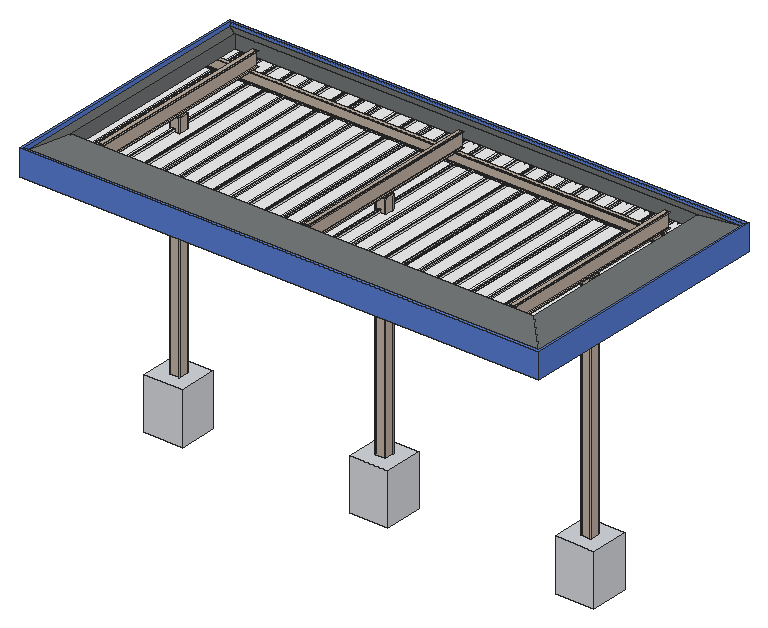
Revit family "Canopy_AustinMohawk_Inline", category Generic Models, Revit 2026
Family settings
  Can host rebar = No
  Round Connector Dimension = Use Diameter
  Part Type = Normal
  Classification Number = 23.30.60.11.11.17
  Work Plane-Based = No
  Always vertical = Yes
  Cut with Voids When Loaded = No
  Maintain Annotation Orientation = No
  Shared = No
  Room Calculation Point = No
Parameters (values of type "ByType")
  purlext [instance] = (Purlin Length - Crossbeam CL) / 2  # 3' - 5 1/2"
  pnlcnstrnt [instance] = Canopy Length / Ceiling Panels  # 1' - 4"
  faschang = 0' - 4"
  ceilext = 1' - 0 7/8"  # constant formula
  URL = "http://www.austinmohawk.com"
  SupportsW [instance] = (Canopy Width - (Purlin Lateral Offset * 2)) / 4' 0"  # 4
  SupportsL [instance] = (Canopy Length - 4' 0") / 4' 0"  # 9
  Structural Framing Material = Metal - Steel - ASTM A500 - Grade B - Rectangular and Square
  StructCLOffset = 0' - 6 27/32"
  Roof/Fascia Type [instance] = Mansard Roof w ACM Fascia : 24"
  Roof Pitch [instance] = 0.50011
  Purloffset = -0' - 4 15/16"
  Purlins = 2
  Purlin Lateral Offset = 3' - 0"
  Purlin Length [instance] = Canopy Length - 1' 1"  # 38' - 11"
  Girder Length [instance] = Canopy Width - 5' 0"  # 15' - 0"
  Footing Size = 3' - 0"
  Footing Material = Concrete - 4000psi
  Footing Depth = 4' - 0"
  Fascia Thickness = 0' - 1"
  Default Elevation = 0' - 0"
  Columns [instance] = 3
  Column Offset From End [instance] = 4' - 0"
  Burial Depth = 1' - 0"
  Crossbeam CL [instance] = Canopy Length - 8' 0"  # 32' - 0"
  Column-Drainage [instance] = HSS Column : Standard column with Internal Drain
  Clearance Height [instance] = 16' - 0"
  Ceiling Panels [instance] = Canopy Length / 1' 4"  # 30
  Deck Pan Width = 1' - 4"
  Deck Pan Material [instance] = Frame - 6063-T6 Aluminum - Color As Specified
  Canopy Width [instance] = 20' - 0"
  Send Message = "http://admin.arcat.com/users.pl?action=UserEmail&company=Austin%20Mohawk%20and%20Company,%20Inc.&coid=30734&rep=121&fax=315-793-9370&mf="
  Keynote = "10 73 16"
  Fascia Material [instance] = Sheet Metal - 24 Ga - Blue
  Specification = "http://www.arcat.com/sd/clients/austinmo.html?coid=30734"
  Sales Information = "http://www.austinmohawk.com/contact.asp"
  Product Properties = "http://www.arcat.com/bim/bim_info.pl?fn=PreEngr-Building_AustinMohawk_Classic"
  Product Data = "http://www.arcat.com/arcatcos/cos30/arc30734.html"
  Column Material [instance] = Metal - Steel - ASTM A500 - Grade B - Rectangular and Square
  Model = "Canopy"
  Manufacturer Website = "http://www.austinmohawk.com"
  Manufacturer Phone - Toll Free = "800-765-3110 "
  Manufacturer Phone = "315-793-3000 "
  Manufacturer Fax = "315-793-9370"
  Manufacturer Address = "2175 Beechgrove Place, Utica, NY 13501\r\n"
  Manufacturer = "Austin Mohawk"
  Green Building-LEED = "http://www.arcat.com/green/green_building.shtml"
  Drawn By = "Robert S. Weygant. CSI, CDT, SCIP"
  Description = "Austin Mohawk Canopy - Type as specified in the Contract Documents"
  Copyright = "2009, ARCAT, Inc."
  Construction Details = "http://www.arcat.com/details/austinmo/prod0873.html"
  Canopy Length [instance] = 40' - 0"
  Canopy Height [instance] = 19' - 0"
  Assembly Code = "F1010200"
Reference planes (in)
  plane 1 "Center (Front/Back)": y = 393.56938
  plane 2: z = 0
  plane 3 "Center": x = 833.0521
  plane 4: x = 593.0521
  plane 5: x = 1073.0521
  plane 6: y = 513.56938
  plane 7 "Front": y = 273.56938
  plane 8 "Bottom of Canopy": z = 192
  plane 9 "T.O. Footing": z = -12
  plane 10: z = -60
  plane 11 "Structural CL": z = 211.71875
  plane 12: y = 483.56938
  plane 13: y = 303.56938
  plane 14 "HSSStart": x = 641.0521
  plane 15 "HSS End": x = 1025.0521
  plane 16: y = 477.56938
  plane 17: y = 309.56938
  plane 18: x = 599.5521
  plane 19: x = 1066.5521
  plane 20 "TO Purlin": z = 204.875
  plane 21: x = 609.0521
  plane 22 "Bottom Fascia": z = 188
  plane 23 "TO Ceiling": z = 195
  plane 24: y = 357.56938
  plane 25: x = 1025.0521
  plane 26: x = 641.0521
  plane 27: x = 1025.0521
  plane 28: x = 641.0521
  plane 29: x = 833.0521
Forms (in)
  Sweep 1, solid, material "Metal - Steel - ASTM A500 - Grade B - Rectangular and Square" <- "Structural Framing Material"
    path origin (0, -164.03906, 204.87695) x (0, 1, 0) y (-1, 0, 0)
      loop
        line (475.58891, -599.5521) -> (475.58891, -1066.5521)
    profile "W-Wide Flange-Profile-Fine : W10X12" origin (833.0521, 311.54985, 204.87695) x (0, 1, 0) y (0, 0, 1)
      loop
        line (-1.98047, -9.87305) -> (1.98047, -9.87305) -> (1.98047, -9.66211) -> (0.63477, -9.66211)
        arc (0.63477, -9.66211) -> (0.25359, -9.50422) -> (0.0957, -9.12305) r 0.53906
        line (0.0957, -9.12305) -> (0.0957, -0.75195)
        arc (0.0957, -0.75195) -> (0.25359, -0.37078) -> (0.63477, -0.21289) r 0.53906
        line (0.63477, -0.21289) -> (1.98047, -0.21289) -> (1.98047, -0.00195) -> (-1.98047, -0.00195) -> (-1.98047, -0.21289) -> (-0.63477, -0.21289)
        arc (-0.63477, -0.21289) -> (-0.25359, -0.37078) -> (-0.0957, -0.75195) r 0.53906
        line (-0.0957, -0.75195) -> (-0.0957, -9.12305)
        arc (-0.0957, -9.12305) -> (-0.25359, -9.50422) -> (-0.63477, -9.66211) r 0.53906
        line (-0.63477, -9.66211) -> (-1.98047, -9.66211) -> (-1.98047, -9.87305)
  Sweep 2, solid, material "Metal - Steel - ASTM A500 - Grade B - Rectangular and Square" <- "Structural Framing Material"
    path origin (0, 0, 204.87695) x (0, 1, 0) y (-1, 0, 0)
      loop
        line (475.58891, -599.5521) -> (475.58891, -1066.5521)
    profile "W-Wide Flange-Profile-Fine : W10X12" origin (833.0521, 475.58891, 204.87695) x (0, 1, 0) y (0, 0, 1)
      loop
        line (-1.98047, -9.87305) -> (1.98047, -9.87305) -> (1.98047, -9.66211) -> (0.63477, -9.66211)
        arc (0.63477, -9.66211) -> (0.25359, -9.50422) -> (0.0957, -9.12305) r 0.53906
        line (0.0957, -9.12305) -> (0.0957, -0.75195)
        arc (0.0957, -0.75195) -> (0.25359, -0.37078) -> (0.63477, -0.21289) r 0.53906
        line (0.63477, -0.21289) -> (1.98047, -0.21289) -> (1.98047, -0.00195) -> (-1.98047, -0.00195) -> (-1.98047, -0.21289) -> (-0.63477, -0.21289)
        arc (-0.63477, -0.21289) -> (-0.25359, -0.37078) -> (-0.0957, -0.75195) r 0.53906
        line (-0.0957, -0.75195) -> (-0.0957, -9.12305)
        arc (-0.0957, -9.12305) -> (-0.25359, -9.50422) -> (-0.63477, -9.66211) r 0.53906
        line (-0.63477, -9.66211) -> (-1.98047, -9.66211) -> (-1.98047, -9.87305)
  Extrusion 3, solid, material "Frame - 6063-T6 Aluminum - Color As Specified" <- "Deck Pan Material"
    sketch origin (0, 0, 195) x (-1, 0, 0) y (0, -1, 0)
      loop
        line (-593.0521, -513.56938) -> (-593.0521, -273.56938) -> (-1073.0521, -273.56938) -> (-1073.0521, -513.56938) -> (-593.0521, -513.56938)
      loop
        line (-596.0521, -510.56938) -> (-596.0521, -276.56938) -> (-1070.0521, -276.56938) -> (-1070.0521, -510.56938) -> (-596.0521, -510.56938)
    from -7 to -3
Dimensions and locks (in)
  "Burial Depth": plane 2 to plane 9 "T.O. Footing"
  "Footing Depth": plane 9 "T.O. Footing" to plane 10
  "Clearance Height": plane 8 "Bottom of Canopy" to plane 2
  equal spacing: plane 4, plane 3 "Center", plane 5
  equal spacing: plane 6, plane 1 "Center (Front/Back)", plane 7 "Front"
  "Canopy Length": plane 4 to plane 5
  "Canopy Width": plane 6 to plane 7 "Front"
  equal spacing: plane 14 "HSSStart", plane 3 "Center", plane 15 "HSS End"
  "Crossbeam CL": plane 14 "HSSStart" to plane 15 "HSS End"
  equal spacing: plane 12, plane 1 "Center (Front/Back)", plane 13
  "Girder Length": plane 12 to plane 13
  "Purlin Lateral Offset": plane 6 to plane 16
  "Purlin Lateral Offset": plane 17 to plane 7 "Front"
  equal spacing: plane 18, plane 3 "Center", plane 19
  "Purlin Length": plane 18 to plane 19
  "StructCLOffset": plane 11 "Structural CL" to plane 20 "TO Purlin"
  group 1 to group 2 = 0' - 0"  (x2)
  group 1 to group 2 = 13' - 8 5/128"
  "Purlin Length": Sweep 1 sketch curve to Sweep 1 sketch curve
  "Purlin Length": Sweep 2 sketch curve to Sweep 2 sketch curve
  locked: plane 20 "TO Purlin" to plane 8 "Bottom of Canopy" at 12.875
  "pnlcnstrnt": plane 21 to plane 4
  equal spacing: group 3, group 4, group 5, group 6, group 7, group 8, group 9, group 10, group 11, group 12, group 13, group 14, group 15, group 16, group 17, group 18, group 19, group 20, group 21, group 22, group 23, group 24, group 25, group 26, group 27, group 28, group 29, group 30, group 31, group 32  (x3)
  "faschang": plane 8 "Bottom of Canopy" to plane 22 "Bottom Fascia"
  locked: plane 23 "TO Ceiling" to plane 8 "Bottom of Canopy" at 3
  locked: plane 24 to plane 17 at 48
  "Column Offset From End": plane 26 to plane 4
  "Column Offset From End": plane 5 to plane 25
  equal spacing: group 34, group 35, group 33  (x2)
  equal spacing: group 33, group 35, group 34
  equal spacing: group 37, group 38, group 36
  equal spacing: group 36, group 38, group 37  (x2)
  locked: Extrusion 3 sketch curve to Extrusion 3 sketch curve at 3  (x4)
  aligned and locked: plane 2 to level
  aligned and locked: Sweep 1 to plane 17
  aligned and locked: Sweep 2 to plane 16
  aligned and locked: plane 6 to nested 1
  aligned and locked: plane 4 to nested 1
  aligned and locked: plane 21 to nested 2
  aligned and locked: plane 7 "Front" to nested 2
  aligned and locked: nested 2 to plane 6
  aligned and locked: plane 20 "TO Purlin" to Sweep 2
  aligned and locked: plane 20 "TO Purlin" to Sweep 1
  aligned and locked: plane 1 "Center (Front/Back)" to nested 16
  aligned and locked: plane 1 "Center (Front/Back)" to nested 32
  aligned and locked: plane 25 to nested 16
  aligned and locked: plane 25 to nested 32
  aligned and locked: plane 26 to nested 33
  aligned and locked: plane 26 to nested 34
  aligned and locked: nested 34 to plane 10
  aligned and locked: plane 1 "Center (Front/Back)" to nested 37
  aligned and locked: plane 25 to nested 37
  aligned and locked: nested 37 to plane 20 "TO Purlin"
  aligned and locked: plane 26 to nested 38
  aligned and locked: nested 38 to plane 20 "TO Purlin"
  aligned and locked: nested 38 to plane 1 "Center (Front/Back)"
  aligned and locked: Extrusion 3 sketch curve to plane 5
  aligned and locked: Extrusion 3 sketch curve to plane 7 "Front"
  aligned and locked: Extrusion 3 sketch curve to plane 6
  aligned and locked: plane 4 to Extrusion 3 sketch curve
  aligned and locked: Extrusion 3 to plane 8 "Bottom of Canopy"
  aligned and locked: Extrusion 3 to plane 22 "Bottom Fascia"
  aligned and locked: plane 25 to plane 27
  aligned and locked: plane 3 "Center" to nested 40
  aligned and locked: nested 40 to plane 1 "Center (Front/Back)"
  aligned and locked: nested 40 to plane 8 "Bottom of Canopy"
  aligned and locked: nested 32 to plane 10
Nested families (in)
  nested 1: "ceiling panel" at (593.0521, 513.56938, 192), length <- "Canopy Width", Wdth <- "pnlcnstrnt", built-in parameter 1001364 <- "Clearance Height", type "ceiling panel", detail levels fine
    with length 20' - 0", Wdth 1' - 4"
  nested 2: "ceiling panel" at (609.0521, 513.56938, 192), length <- "Canopy Width", Wdth <- "pnlcnstrnt", built-in parameter 1001364 <- "Clearance Height", type "ceiling panel", detail levels fine
    with length 20' - 0", Wdth 1' - 4"
  nested 3: "ceiling panel" at (625.0521, 513.56938, 192), length <- "Canopy Width", Wdth <- "pnlcnstrnt", built-in parameter 1001364 <- "Clearance Height", type "ceiling panel", detail levels fine
    with length 20' - 0", Wdth 1' - 4"
  nested 4: "ceiling panel" at (641.0521, 513.56938, 192), length <- "Canopy Width", Wdth <- "pnlcnstrnt", built-in parameter 1001364 <- "Clearance Height", type "ceiling panel", detail levels fine
    with length 20' - 0", Wdth 1' - 4"
  nested 5: "ceiling panel" at (657.0521, 513.56938, 192), length <- "Canopy Width", Wdth <- "pnlcnstrnt", built-in parameter 1001364 <- "Clearance Height", type "ceiling panel", detail levels fine
    with length 20' - 0", Wdth 1' - 4"
  nested 6: "ceiling panel" at (673.0521, 513.56938, 192), length <- "Canopy Width", Wdth <- "pnlcnstrnt", built-in parameter 1001364 <- "Clearance Height", type "ceiling panel", detail levels fine
    with length 20' - 0", Wdth 1' - 4"
  nested 7: "ceiling panel" at (689.0521, 513.56938, 192), length <- "Canopy Width", Wdth <- "pnlcnstrnt", built-in parameter 1001364 <- "Clearance Height", type "ceiling panel", detail levels fine
    with length 20' - 0", Wdth 1' - 4"
  nested 8: "ceiling panel" at (705.0521, 513.56938, 192), length <- "Canopy Width", Wdth <- "pnlcnstrnt", built-in parameter 1001364 <- "Clearance Height", type "ceiling panel", detail levels fine
    with length 20' - 0", Wdth 1' - 4"
  nested 9: "ceiling panel" at (721.0521, 513.56938, 192), length <- "Canopy Width", Wdth <- "pnlcnstrnt", built-in parameter 1001364 <- "Clearance Height", type "ceiling panel", detail levels fine
    with length 20' - 0", Wdth 1' - 4"
  nested 10: "ceiling panel" at (737.0521, 513.56938, 192), length <- "Canopy Width", Wdth <- "pnlcnstrnt", built-in parameter 1001364 <- "Clearance Height", type "ceiling panel", detail levels fine
    with length 20' - 0", Wdth 1' - 4"
  nested 11: "ceiling panel" at (753.0521, 513.56938, 192), length <- "Canopy Width", Wdth <- "pnlcnstrnt", built-in parameter 1001364 <- "Clearance Height", type "ceiling panel", detail levels fine
    with length 20' - 0", Wdth 1' - 4"
  nested 12: "ceiling panel" at (769.0521, 513.56938, 192), length <- "Canopy Width", Wdth <- "pnlcnstrnt", built-in parameter 1001364 <- "Clearance Height", type "ceiling panel", detail levels fine
    with length 20' - 0", Wdth 1' - 4"
  nested 13: "ceiling panel" at (785.0521, 513.56938, 192), length <- "Canopy Width", Wdth <- "pnlcnstrnt", built-in parameter 1001364 <- "Clearance Height", type "ceiling panel", detail levels fine
    with length 20' - 0", Wdth 1' - 4"
  nested 14: "ceiling panel" at (801.0521, 513.56938, 192), length <- "Canopy Width", Wdth <- "pnlcnstrnt", built-in parameter 1001364 <- "Clearance Height", type "ceiling panel", detail levels fine
    with length 20' - 0", Wdth 1' - 4"
  nested 15: "ceiling panel" at (817.0521, 513.56938, 192), length <- "Canopy Width", Wdth <- "pnlcnstrnt", built-in parameter 1001364 <- "Clearance Height", type "ceiling panel", detail levels fine
    with length 20' - 0", Wdth 1' - 4"
  nested 16: "HSS Column" at (1025.0521, 393.56938, 0), type <- "Column-Drainage", height <- "Clearance Height", ceilext <- "ceilext", type "Standard column with Internal Drain"
    with height 16' - 0", ceilext 1' - 0 7/8"
  nested 17: "ceiling panel" at (833.0521, 513.56938, 192), length <- "Canopy Width", Wdth <- "pnlcnstrnt", built-in parameter 1001364 <- "Clearance Height", type "ceiling panel", detail levels fine
    with length 20' - 0", Wdth 1' - 4"
  nested 18: "ceiling panel" at (849.0521, 513.56938, 192), length <- "Canopy Width", Wdth <- "pnlcnstrnt", built-in parameter 1001364 <- "Clearance Height", type "ceiling panel", detail levels fine
    with length 20' - 0", Wdth 1' - 4"
  nested 19: "ceiling panel" at (865.0521, 513.56938, 192), length <- "Canopy Width", Wdth <- "pnlcnstrnt", built-in parameter 1001364 <- "Clearance Height", type "ceiling panel", detail levels fine
    with length 20' - 0", Wdth 1' - 4"
  nested 20: "ceiling panel" at (881.0521, 513.56938, 192), length <- "Canopy Width", Wdth <- "pnlcnstrnt", built-in parameter 1001364 <- "Clearance Height", type "ceiling panel", detail levels fine
    with length 20' - 0", Wdth 1' - 4"
  nested 21: "ceiling panel" at (897.0521, 513.56938, 192), length <- "Canopy Width", Wdth <- "pnlcnstrnt", built-in parameter 1001364 <- "Clearance Height", type "ceiling panel", detail levels fine
    with length 20' - 0", Wdth 1' - 4"
  nested 22: "ceiling panel" at (913.0521, 513.56938, 192), length <- "Canopy Width", Wdth <- "pnlcnstrnt", built-in parameter 1001364 <- "Clearance Height", type "ceiling panel", detail levels fine
    with length 20' - 0", Wdth 1' - 4"
  nested 23: "ceiling panel" at (929.0521, 513.56938, 192), length <- "Canopy Width", Wdth <- "pnlcnstrnt", built-in parameter 1001364 <- "Clearance Height", type "ceiling panel", detail levels fine
    with length 20' - 0", Wdth 1' - 4"
  nested 24: "ceiling panel" at (945.0521, 513.56938, 192), length <- "Canopy Width", Wdth <- "pnlcnstrnt", built-in parameter 1001364 <- "Clearance Height", type "ceiling panel", detail levels fine
    with length 20' - 0", Wdth 1' - 4"
  nested 25: "ceiling panel" at (961.0521, 513.56938, 192), length <- "Canopy Width", Wdth <- "pnlcnstrnt", built-in parameter 1001364 <- "Clearance Height", type "ceiling panel", detail levels fine
    with length 20' - 0", Wdth 1' - 4"
  nested 26: "ceiling panel" at (977.0521, 513.56938, 192), length <- "Canopy Width", Wdth <- "pnlcnstrnt", built-in parameter 1001364 <- "Clearance Height", type "ceiling panel", detail levels fine
    with length 20' - 0", Wdth 1' - 4"
  nested 27: "ceiling panel" at (993.0521, 513.56938, 192), length <- "Canopy Width", Wdth <- "pnlcnstrnt", built-in parameter 1001364 <- "Clearance Height", type "ceiling panel", detail levels fine
    with length 20' - 0", Wdth 1' - 4"
  nested 28: "ceiling panel" at (1009.0521, 513.56938, 192), length <- "Canopy Width", Wdth <- "pnlcnstrnt", built-in parameter 1001364 <- "Clearance Height", type "ceiling panel", detail levels fine
    with length 20' - 0", Wdth 1' - 4"
  nested 29: "ceiling panel" at (1025.0521, 513.56938, 192), length <- "Canopy Width", Wdth <- "pnlcnstrnt", built-in parameter 1001364 <- "Clearance Height", type "ceiling panel", detail levels fine
    with length 20' - 0", Wdth 1' - 4"
  nested 30: "ceiling panel" at (1041.0521, 513.56938, 192), length <- "Canopy Width", Wdth <- "pnlcnstrnt", built-in parameter 1001364 <- "Clearance Height", type "ceiling panel", detail levels fine
    with length 20' - 0", Wdth 1' - 4"
  nested 31: "ceiling panel" at (1057.0521, 513.56938, 192), length <- "Canopy Width", Wdth <- "pnlcnstrnt", built-in parameter 1001364 <- "Clearance Height", type "ceiling panel", detail levels fine
    with length 20' - 0", Wdth 1' - 4"
  nested 32: "footing" at (1025.0521, 393.56938, -60), type "footing"
    with size 3' - 0", depth 4' - 0"
  nested 33: "HSS Column" at (641.0521, 393.56938, 0), type <- "Column-Drainage", height <- "Clearance Height", ceilext <- "ceilext", type "Standard column with Internal Drain"
    with height 16' - 0", ceilext 1' - 0 7/8"
  nested 34: "footing" at (641.0521, 393.56938, -60), type "footing"
    with size 3' - 0", depth 4' - 0"
  nested 35: "HSS Column" at (833.0521, 393.56938, 0), type <- "Column-Drainage", height <- "Clearance Height", ceilext <- "ceilext", type "Standard column with Internal Drain"
    with height 16' - 0", ceilext 1' - 0 7/8"
  nested 36: "footing" at (833.0521, 393.56938, -60), type "footing"
    with size 3' - 0", depth 4' - 0"
  nested 37: "W14" at (1025.0521, 393.56938, 204.875), type "W14"
    with length 15' - 0"
  nested 38: "W14" at (641.0521, 393.56938, 204.875), type "W14"
    with length 15' - 0"
  nested 39: "W14" at (833.0521, 393.56938, 204.875), type "W14"
    with length 15' - 0"
  nested 40: "Mansard Roof w ACM Fascia" at (833.0521, 393.56938, 192), Width <- "Canopy Length", Length <- "Canopy Width", Roof Pitch <- "Roof Pitch", type <- "Roof/Fascia Type", Facia Material <- "Fascia Material", type "24""
    with roofang 26.57°, built-in parameter 1001301 40' - 0", Supports W 9, Supports L 4, Roof Pitch 0.50011, Roof Material Shingles as Specified in 07 31 13, Length 20' - 0", Facia Material Sheet Metal - 24 Ga - Blue, sprtht 1' - 5"
Definition of nested family "ceiling panel"
  Parameters
    length [instance] = 7' - 10.44661"
    ceiling material = none
    Wdth [instance] = 1' - 4"
    Default Elevation = 0' - 0"
  Reference planes (in)
    plane 1 "Center (Front/Back)": y = 0
    plane 2: z = 0
    plane 3 "Center (Left/Right)": x = 0
    plane 4: x = 16
    plane 5: y = -94.44661
  Forms (in)
    Extrusion 1, solid, material <- "ceiling material"
      sketch origin (0, 0, 0) x (1, 0, 0) y (0, 0, 1)
        loop
          line (0, 0) -> (16, 0) -> (16, 3) -> (14.75, 3) -> (14.75, 2.75) -> (15.75, 2.75) -> (15.75, 0.25) -> (0.25, 0.25) -> (0.25, 2.75) -> (1.25, 2.75) -> (1.25, 3) -> (0, 3) -> (0, 0)
      from 0 to 94.44661
  Dimensions and locks (in)
    Extrusion 1 sketch curve to Extrusion 1 sketch curve = 0' - 0 1/4"  (x2)
    locked: Extrusion 1 sketch curve to Extrusion 1 sketch curve at 1.25  (x2)
    locked: Extrusion 1 sketch curve to Extrusion 1 sketch curve at 0.25  (x3)
    "Wdth": plane 4 to plane 3 "Center (Left/Right)"
    "length": plane 5 to plane 1 "Center (Front/Back)"
    aligned and locked: plane 3 "Center (Left/Right)" to Extrusion 1 sketch curve
    aligned and locked: Extrusion 1 sketch curve to level
    aligned and locked: plane 4 to Extrusion 1 sketch curve
    aligned and locked: Extrusion 1 to plane 5
    aligned and locked: Extrusion 1 to plane 1 "Center (Front/Back)"
  Automatic sketch dimensions
    Extrusion 1 sketch curve to Extrusion 1 sketch curve = 0' - 2 1/2"  (x2)
Definition of nested family "HSS Column"
  Parameters
    material = none
    height [instance] = 6' - 0 95/256"
    drnloc = 0' - 6 1/2"
    ceilext [instance] = 0' - 8"
    burial depth = 1' - 0"
    Shroud = no
    Manufacturer = "Austin Mohawk"
    Ext Drain = no
    Assembly Code = ""
  Reference planes (in)
    plane 1 "Center (Front/Back)": y = 0
    plane 2: z = 0
    plane 3 "Center (Left/Right)": x = 0
    plane 4: z = 72.37109
    plane 5: z = 2
    plane 6: z = -12
    plane 7: z = 80.37109
  Forms (in)
    Extrusion 1, solid, material <- "material", visible <- "Shroud"
      sketch origin (0, 0, 0) x (1, 0, 0) y (0, 1, 0)
        loop
          line (-8, 12) -> (-8, -12) -> (8, -12) -> (8, 12) -> (-8, 12)
        loop
          line (-7.75, 11.75) -> (-7.75, -11.75) -> (7.75, -11.75) -> (7.75, 11.75) -> (-7.75, 11.75)
      from 0 to 72.37109
    Sweep 2, solid, material <- "material", visible <- "Ext Drain"
      path origin (0, 0, 0) x (1, 0, 0) y (0, 0, 1)
        loop
          line (6.5, 72.37109) -> (6.5, 4)
          arc (6.5, 4) -> (7.08579, 2.58579) -> (8.5, 2) r 2
          line (8.5, 2) -> (10.5, 2)
      profile origin (6.5, 0, 38.18555) x (0, -1, 0) y (1, 0, 0)
        loop
          circle (0, 0) r 1.5
    Sweep 3, solid, material <- "material"
      path origin (0, 0, 0) x (1, 0, 0) y (0, 0, 1)
        loop
          line (0, 80.37109) -> (0, -12)
      profile "Hollow-Structural-Section-Profile-Fine : HSS10X10X1/2" origin (0, 0, 34.18555) x (1, 0, 0) y (0, -1, 0)
        loop
          arc (-4.07031, 4.53516) -> (-4.39901, 4.39901) -> (-4.53516, 4.07031) r 0.46484
          line (-4.53516, 4.07031) -> (-4.53516, -4.07031)
          arc (-4.53516, -4.07031) -> (-4.39901, -4.39901) -> (-4.07031, -4.53516) r 0.46484
          line (-4.07031, -4.53516) -> (4.07031, -4.53516)
          arc (4.07031, -4.53516) -> (4.39901, -4.39901) -> (4.53516, -4.07031) r 0.46484
          line (4.53516, -4.07031) -> (4.53516, 4.07031)
          arc (4.53516, 4.07031) -> (4.39901, 4.39901) -> (4.07031, 4.53516) r 0.46484
          line (4.07031, 4.53516) -> (-4.07031, 4.53516)
        loop
          arc (-5, -4.07031) -> (-4.7277, -4.7277) -> (-4.07031, -5) r 0.92969
          line (-4.07031, -5) -> (4.07031, -5)
          arc (4.07031, -5) -> (4.7277, -4.7277) -> (5, -4.07031) r 0.92969
          line (5, -4.07031) -> (5, 4.07031)
          arc (5, 4.07031) -> (4.7277, 4.7277) -> (4.07031, 5) r 0.92969
          line (4.07031, 5) -> (-4.07031, 5)
          arc (-4.07031, 5) -> (-4.7277, 4.7277) -> (-5, 4.07031) r 0.92969
          line (-5, 4.07031) -> (-5, -4.07031)
  Dimensions and locks (in)
    locked: Extrusion 1 sketch curve to Extrusion 1 sketch curve at 24
    locked: Extrusion 1 sketch curve to Extrusion 1 sketch curve at 16
    locked: Extrusion 1 sketch curve to Extrusion 1 sketch curve at 0.25  (x4)
    "height": plane 4 to plane 2
    "ceilext": plane 7 to plane 4
    "drnloc": Sweep 2 sketch curve to plane 3 "Center (Left/Right)"
    "burial depth": plane 2 to plane 6
    locked: plane 5 to plane 2 at 2
    aligned and locked: plane 4 to Extrusion 1
    aligned and locked: Sweep 2 sketch curve to plane 5
    aligned and locked: plane 7 to Sweep 3 sketch curve
    aligned and locked: Sweep 3 sketch curve to plane 3 "Center (Left/Right)"
    aligned and locked: plane 2 to level
    aligned and locked: plane 6 to Sweep 3 sketch curve
    aligned and locked: Extrusion 1 to plane 2
  Automatic sketch dimensions
    Extrusion 1 sketch curve to plane 3 "Center (Left/Right)" = 0' - 8"
    plane 1 "Center (Front/Back)" to Extrusion 1 sketch curve = 1' - 0"
    Sweep 2 sketch curve to plane 4 = 0' - 0"
    Sweep 2 sketch curve to Sweep 2 sketch curve = 0' - 2"  (x2)
    Sweep 2 sketch curve to plane 1 "Center (Front/Back)" = 0' - 0"
    Sweep 2 sketch curve to profile plane = 0' - 0"
    radius of Sweep 2 sketch curve = 0' - 1 1/2"
Definition of nested family "footing"
  Parameters
    size = 1' - 6"
    material = none
    depth = 3' - 3.60396"
    Default Elevation = 0' - 0"
  Reference planes (in)
    plane 1 "Center (Front/Back)": y = 0
    plane 2: z = 0
    plane 3 "Center (Left/Right)": x = 0
    plane 4: x = -9
    plane 5: x = 9
    plane 6: y = 9
    plane 7: y = -9
    plane 8: z = 39.60396
  Forms (in)
    Extrusion 1, solid, material <- "material"
      sketch origin (0, 0, 0) x (1, 0, 0) y (0, 1, 0)
        loop
          line (-9, 9) -> (-9, -9) -> (9, -9) -> (9, 9) -> (-9, 9)
      from 0 to 39.60396
  Dimensions and locks (in)
    equal spacing: plane 6, plane 1 "Center (Front/Back)", plane 7
    equal spacing: plane 4, plane 3 "Center (Left/Right)", plane 5
    "size": plane 4 to plane 5
    "size": plane 6 to plane 7
    "depth": plane 8 to plane 2
    aligned and locked: Extrusion 1 sketch curve to plane 5
    aligned and locked: plane 7 to Extrusion 1 sketch curve
    aligned and locked: plane 4 to Extrusion 1 sketch curve
    aligned and locked: Extrusion 1 sketch curve to plane 6
    aligned and locked: plane 8 to Extrusion 1
    aligned and locked: Extrusion 1 to plane 2
Definition of nested family "W14"
  Parameters
    material = none
    length = 4' - 2.50185"
    Default Elevation = 0' - 0"
  Reference planes (in)
    plane 1 "Center (Front/Back)": y = 0
    plane 2: z = 0
    plane 3 "Center (Left/Right)": x = 0
    plane 4: y = 25.25092
    plane 5: y = -25.25092
  Forms (in)
    Extrusion 1, solid, material <- "material"
      sketch origin (0, 0, 0) x (1, 0, 0) y (0, 0, 1)
        loop
          line (2.5, 13.69922) -> (-2.5, 13.69922) -> (-2.5, 13.36328) -> (-0.6543, 13.36328)
          arc (-0.6543, 13.36328) -> (-0.27312, 13.20539) -> (-0.11523, 12.82422) r 0.53906
          line (-0.11523, 12.82422) -> (-0.11523, 0.875)
          arc (-0.11523, 0.875) -> (-0.27312, 0.49383) -> (-0.6543, 0.33594) r 0.53906
          line (-0.6543, 0.33594) -> (-2.5, 0.33594) -> (-2.5, 0) -> (2.5, 0) -> (2.5, 0.33594) -> (0.6543, 0.33594)
          arc (0.6543, 0.33594) -> (0.27312, 0.49383) -> (0.11523, 0.875) r 0.53906
          line (0.11523, 0.875) -> (0.11523, 12.82422)
          arc (0.11523, 12.82422) -> (0.27312, 13.20539) -> (0.6543, 13.36328) r 0.53906
          line (0.6543, 13.36328) -> (2.5, 13.36328) -> (2.5, 13.69922)
      from 25.25092 to -25.25092
  Dimensions and locks (in)
    locked: Extrusion 1 sketch curve to Extrusion 1 sketch curve at 5  (x2)
    locked: Extrusion 1 sketch curve to Extrusion 1 sketch curve at 0.23047
    locked: Extrusion 1 sketch curve to Extrusion 1 sketch curve at 0.33594  (x4)
    locked: Extrusion 1 sketch curve to Extrusion 1 sketch curve at 13.69922
    equal spacing: plane 4, plane 1 "Center (Front/Back)", plane 5
    "length": plane 4 to plane 5
    aligned and locked: plane 4 to Extrusion 1
    aligned and locked: Extrusion 1 to plane 4  (x2)
    aligned and locked: Extrusion 1 to plane 5
  Automatic sketch dimensions
    Extrusion 1 sketch curve to level = 0' - 0"
    Extrusion 1 sketch curve to plane 3 "Center (Left/Right)" = 0' - 2 1/2"  (x2)
    Extrusion 1 sketch curve to plane 3 "Center (Left/Right)" = 0' - 0.6543"  (x2)
    Extrusion 1 sketch curve to plane 3 "Center (Left/Right)" = 0' - 0.11523"
    plane 3 "Center (Left/Right)" to Extrusion 1 sketch curve = 0' - 0.6543"  (x2)
Definition of nested family "Mansard Roof w ACM Fascia"
  Parameters
    vertical offset = 0' - 4"
    support offset = 4' - 0"
    sprtht = Height - vertical offset - 0' 3"  # 2' - 1"
    roofang [instance] = (atan(Roof Pitch) / RoofDepth) * RoofDepth  # 26.5651°
    Width [instance] = 10' - 0"
    Supports W [instance] = Width / support offset - 1  # 2
    Supports L [instance] = Length / support offset - 1  # 4
    RoofDepth = 2' - 0 95/256"
    Roof Pitch [instance] = 0.5
    Roof Material [instance] = none
    Model = ""
    Length [instance] = 20' - 0"
    Height = 2' - 8"
    Facia Material [instance] = none
    Depth = 0' - 0"
    Default Elevation = 0' - 0"
    Assembly Code = ""
  Reference planes (in)
    plane 1 "Center (Front/Back)": y = 0
    plane 2 "Bottom": z = 0
    plane 3 "Center (Left/Right)": x = 0
    plane 4 "Back": y = 120
    plane 5 "Front": y = -120
    plane 6 "Right": x = 60
    plane 7 "Left": x = -60
    plane 8 "Top": z = 28
    plane 9: z = -4
    plane 10: y = -72
    plane 11: x = 12
    plane 12: x = -12
    plane 13: y = 72
    plane 14: y = 72
    plane 15: y = -72
    plane 16: x = -12
    plane 17: x = 12
    plane 18: y = -24
    plane 19: y = 24
    plane 20: y = 24
    plane 21: y = -24
    plane 22: z = 3
    plane 23 "Roofedge": z = 25
  Forms (in)
    Sweep 1, solid, material <- "Facia Material"
      path origin (0, 0, 0) x (1, 0, 0) y (0, 1, 0)
        loop
          line (-60, 120) -> (-60, -120) -> (60, -120) -> (60, 120) -> (-60, 120)
      profile origin (0, 120, 0) x (0, 1, 0) y (0, 0, 1)
        loop
          line (0, -4) -> (2, -4) -> (2, 28) -> (0, 28) -> (0, -4)
    Sweep 2, solid, material <- "Roof Material"
      path origin (0, 0, 25) x (-1, 0, 0) y (0, -1, 0)
        loop
          line (60, -120) -> (60, 120) -> (-60, 120) -> (-60, -120) -> (60, -120)
      profile origin (0, 120, 25) x (0, 1, 0) y (0, 0, 1)
        loop
          line (0, 0) -> (-24.37109, 12.18555) -> (-24.37109, 0) -> (0, 0)
  Dimensions and locks (in)
    equal spacing: plane 7 "Left", plane 3 "Center (Left/Right)", plane 6 "Right"
    equal spacing: plane 4 "Back", plane 1 "Center (Front/Back)", plane 5 "Front"
    "Width": plane 7 "Left" to plane 6 "Right"
    "Length": plane 4 "Back" to plane 5 "Front"
    "Height": plane 8 "Top" to plane 9
    "vertical offset": plane 2 "Bottom" to plane 9
    "support offset": plane 4 "Back" to plane 13
    "support offset": plane 7 "Left" to plane 12
    "support offset": plane 10 to plane 5 "Front"
    "support offset": plane 11 to plane 6 "Right"
    equal spacing: group 1, group 9, group 10, group 2  (x3)
    "support offset": plane 4 "Back" to plane 14
    equal spacing: group 3, group 11, group 12, group 4  (x2)
    equal spacing: group 4, group 12, group 11, group 3
    "support offset": plane 15 to plane 5 "Front"
    group 6 to group 5 = 2' - 0"
    group 5 to group 6 = 0' - 0"  (x2)
    "support offset": plane 7 "Left" to plane 16
    group 7 to group 8 = 2' - 0"
    group 7 to group 8 = 0' - 0"  (x2)
    "support offset": plane 17 to plane 6 "Right"
    locked: plane 22 to level at 3
    locked: plane 8 "Top" to plane 23 "Roofedge" at 3
    "RoofDepth": plane 4 "Back" to Sweep 2 sketch curve
    "roofang": angle Sweep 2 sketch curve to Sweep 2 sketch curve
    aligned and locked: plane 7 "Left" to Sweep 1 sketch curve
    aligned and locked: Sweep 1 sketch curve to plane 4 "Back"
    aligned and locked: plane 5 "Front" to Sweep 1 sketch curve
    aligned and locked: Sweep 1 sketch curve to plane 6 "Right"
    aligned and locked: plane 8 "Top" to Sweep 1 sketch curve
    aligned and locked: Sweep 1 sketch curve to plane 9
    aligned and locked: Sweep 2 sketch curve to plane 6 "Right"
    aligned and locked: plane 5 "Front" to Sweep 2 sketch curve
    aligned and locked: plane 7 "Left" to Sweep 2 sketch curve
    aligned and locked: Sweep 2 sketch curve to plane 4 "Back"
    aligned and locked: plane 23 "Roofedge" to Sweep 2 sketch curve
  Automatic sketch dimensions
    Sweep 1 sketch curve to profile plane = 0' - 0"
    Sweep 1 sketch curve to profile plane = 0' - 2"
    Sweep 2 sketch curve to profile plane = 0' - 0"
